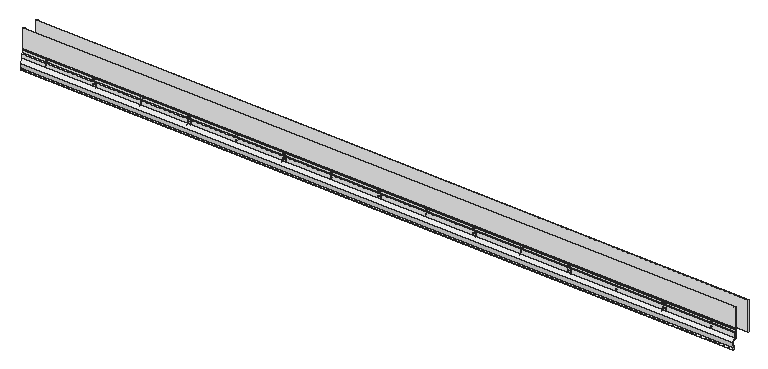
Revit family "Insulating-Panels_Isowall-base-freezer-wall-floor-110", category Generic Models, host Wall, Revit 2026
Family settings
  Host = Wall
  Can host rebar = No
  Round Connector Dimension = Use Diameter
  Part Type = Normal
  Always vertical = Yes
  Cut with Voids When Loaded = No
  Maintain Annotation Orientation = No
  Shared = No
  Room Calculation Point = No
Parameters (values of type "AIC-1.21")
  URL = "https://www.aicinsulate.com/"
  Specification = "https://www.aicinsulate.com/isowall.htm#generalspecs"
  Product Documentation Link = "https://www.arcat.com/arcatcos/cos30/arc30171.html"
  Panel Thickness = 0' - 4"
  Panel Height = 0' - 7.67"
  Model = "AIC-1.21"
  Manufacturer = "Advance Inulation Concepts, Inc."  # constant formula
  Keynote = "07 42 00"
  Isowall Panel Material = Wall Panel
  Isowall Base Length [instance] = 15' - 0"
  Description = "Freezer Wall- Floor"
  Default Elevation = 0' - 0"
  Copyright = "© 2002 Advanced Insulation Concepts, Inc."  # constant formula
  Construction Details = "https://www.arcat.com/company/advanced-insulation-concepts-inc-30171/cad"
  Clip Width = 0' - 1"  # constant formula
  Clip Material = Metal
  Clip Gape [instance] = 1' - 0"
  Clip Count [instance] = Isowall Base Length / Clip Gape  # 15
  Clip Begin [instance] = Isowall Base Length / Clip Count / 2  # 0' - 6"
Reference planes (in)
  plane 1: y = 0
  plane 2 "Center (Left/Right)": x = 0
  plane 3 "Wall Edge": y = 1.5
  plane 4 "Back": y = -2.5
  plane 5: z = 7.67
  plane 6: x = 180
  plane 7: x = 0
  plane 8: z = 0.19995
  plane 9: x = 6
  plane 10: x = 18
  plane 11: z = 0.42505
  plane 12 "2": y = -2.4375
  plane 13 "3": y = 1.4375
Forms (in)
  Sweep 1, solid, material "Wall Panel" <- "Isowall Panel Material"
    path origin (0, 0, 0) x (1, 0, 0) y (0, 1, 0)
      loop
        line (180, 1.5) -> (0, 1.5)
    profile origin (90, 1.5, 0) x (0, -1, 0) y (0, 0, 1)
      loop
        line (0, 0.42505) -> (0.0625, 0.42505) -> (0.0625, 7.67) -> (0, 7.67) -> (0, 0.42505)
      loop
        line (4, 7.67) -> (3.9375, 7.67) -> (3.9375, 0.42505) -> (4, 0.42505) -> (4, 7.67)
  Extrusion 2, void
    sketch origin (0, 0, 0) x (0, 1, 0) y (0, 0, 1)
      loop
        line (1.5, 7.67) -> (1.4375, 7.67) -> (1.4375, 0.42505) -> (-2.4375, 0.42505) -> (-2.4375, 7.67) -> (-2.5, 7.67) -> (-2.5, 0) -> (1.5, 0) -> (1.5, 7.67)
    from 0 to 180
  Sweep 3, solid, material "Metal"
    path origin (0, 0, 0) x (1, 0, 0) y (0, 1, 0)
      loop
        line (0, -2.5) -> (180, -2.5)
    profile origin (90, -2.5, 0) x (0, 1, 0) y (0, 0, 1)
      loop
        line (-0.21053, 2.86516) -> (-0.05469, 2.64258) -> (-0.05469, 2.09368) -> (-0.2696, 1.97422) -> (-0.2696, 0.92566) -> (-0.88185, -0.07802) -> (-0.57606, -1.22909) -> (-0.79702, -1.51792) -> (-0.63212, -1.64406) -> (-0.51378, -1.48936) -> (-0.5386, -1.47038) -> (-0.63796, -1.60025) -> (-0.75321, -1.51208) -> (-0.54192, -1.2359) -> (-0.84822, -0.0829) -> (-0.23835, 0.91688) -> (-0.23835, 1.95584) -> (-0.02344, 2.0753) -> (-0.02344, 2.65244) -> (-0.16701, 2.85748) -> (-0.10788, 2.89889) -> (-0.04546, 2.80975) -> (-0.01986, 2.82767) -> (-0.1002, 2.94241) -> (-0.21053, 2.86516)
Text (in)
  text "Placement Side" at (0, 40.15149, 123.01588), in view "Right"
  text "Placement Side" at (-70.3804, 28.46503, 0), in view "Ref. Level"
  text "Placement Side" at (0, 81.62555, 140.59947), in view "Left"
Dimensions and locks (in)
  locked: plane 3 "Wall Edge" to host wall
  "Panel Height": plane 5 to level
  "Panel Thickness": plane 3 "Wall Edge" to plane 4 "Back"
  "Isowall Base Length": plane 7 to plane 6
  locked: plane 8 to level at 0.19995
  "Clip Begin": plane 7 to plane 9
  "Clip Gape": plane 9 to plane 10
  locked: plane 11 to plane 8 at 0.2251
  plane 4 "Back" to plane 3 "Wall Edge" = 0' - 4"
  equal spacing: group 1, group 2, group 3, group 4, group 5, group 6, group 7, group 8, group 9, group 10, group 11, group 12, group 13, group 14, group 15  (x3)
  locked: plane 3 "Wall Edge" to plane 13 "3" at 0.0625
  locked: plane 12 "2" to plane 4 "Back" at 0.0625
  aligned and locked: Sweep 1 sketch curve to plane 4 "Back"
  aligned and locked: Sweep 1 sketch curve to plane 3 "Wall Edge"
  aligned and locked: Sweep 1 sketch curve to plane 5
  aligned and locked: plane 2 "Center (Left/Right)" to plane 7
  aligned and locked: plane 6 to Sweep 1 sketch curve
  aligned and locked: plane 7 to Sweep 1 sketch curve
  aligned and locked: plane 3 "Wall Edge" to Sweep 1 sketch curve  (x2)
  aligned and locked: Sweep 1 to plane 3 "Wall Edge"
  aligned and locked: Extrusion 2 sketch curve to plane 5
  aligned and locked: Extrusion 2 sketch curve to level
  aligned and locked: Extrusion 2 sketch curve to plane 3 "Wall Edge"
  aligned and locked: Extrusion 2 sketch curve to plane 4 "Back"
  aligned and locked: Extrusion 2 to Sweep 1
  aligned and locked: Extrusion 2 to plane 2 "Center (Left/Right)"
  aligned and locked: nested 1 to level
  aligned and locked: nested 1 to plane 9
  aligned and locked: nested 2 to plane 10
  aligned and locked: plane 6 to Sweep 3 sketch curve
  aligned and locked: plane 7 to Sweep 3 sketch curve
  aligned and locked: plane 4 "Back" to Sweep 3 sketch curve
  aligned and locked: Sweep 3 sketch curve to plane 4 "Back"
  aligned and locked: Sweep 1 sketch curve to plane 12 "2"
  aligned and locked: plane 13 "3" to Sweep 1 sketch curve
  aligned and locked: plane 12 "2" to Extrusion 2 sketch curve
  aligned and locked: Extrusion 2 sketch curve to plane 13 "3"
  aligned and locked: plane 11 to Extrusion 2 sketch curve
Automatic sketch dimensions
  level to Sweep 1 sketch curve = 0' - 0.42505"
  Sweep 3 sketch curve to level = 0' - 0.07802"
  profile plane to Sweep 3 sketch curve = 0' - 0.88185"
  Sweep 3 sketch curve to level = 0' - 0.0829"
  Sweep 3 sketch curve to Sweep 3 sketch curve = 0' - 0.03363"
  profile plane to Sweep 3 sketch curve = 0' - 0.79702"
  Sweep 3 sketch curve to Sweep 3 sketch curve = 0' - 0.04381"
  Sweep 3 sketch curve to Sweep 3 sketch curve = 0' - 0.11525"
  Sweep 3 sketch curve to Sweep 3 sketch curve = 0' - 0.00583"
  Sweep 3 sketch curve to Sweep 3 sketch curve = 0' - 0.17715"
  Sweep 3 sketch curve to Sweep 3 sketch curve = 0' - 0.03414"
  Sweep 3 sketch curve to Sweep 3 sketch curve = 0' - 0.09936"
  Sweep 3 sketch curve to Sweep 3 sketch curve = 0' - 0.02482"
  profile plane to Sweep 3 sketch curve = 0' - 0.2696"
  Sweep 3 sketch curve to Sweep 3 sketch curve = 0' - 0 1/32"
  profile plane to Sweep 3 sketch curve = 0' - 0.21053"
  Sweep 3 sketch curve to Sweep 3 sketch curve = 0' - 0.04352"
  Sweep 3 sketch curve to Sweep 3 sketch curve = 0' - 0.05913"
  Sweep 3 sketch curve to Sweep 3 sketch curve = 0' - 0.00767"
  profile plane to Sweep 3 sketch curve = 0' - 0 7/128"
  profile plane to Sweep 3 sketch curve = 0' - 0.04546"
  profile plane to Sweep 3 sketch curve = 0' - 0 3/128"
  profile plane to Sweep 3 sketch curve = 0' - 0.01986"
  Sweep 3 sketch curve to Sweep 3 sketch curve = 0' - 1.1462"
  Sweep 3 sketch curve to Sweep 3 sketch curve = 0' - 0.0068"
  level to Sweep 3 sketch curve = 0' - 0.91688"
  Sweep 3 sketch curve to Sweep 3 sketch curve = 0' - 0.00878"
  Sweep 3 sketch curve to Sweep 3 sketch curve = 0' - 1.03018"
  Sweep 3 sketch curve to Sweep 3 sketch curve = 0' - 0.01838"  (x2)
  Sweep 3 sketch curve to Sweep 3 sketch curve = 0' - 0.11946"
  Sweep 3 sketch curve to Sweep 3 sketch curve = 0' - 0.5489"
  Sweep 3 sketch curve to Sweep 3 sketch curve = 0' - 0.00985"
  Sweep 1 sketch curve to Sweep 1 sketch curve = 0' - 0"  (x2)
  Extrusion 2 sketch curve to Extrusion 2 sketch curve = 0' - 0"
Nested families (in)
  nested 1: "Clip" at (6, 1.5, 0) x (-1, 0, 0) z (0, 1, 0), type "Clip"
  nested 2: "Clip" at (18, 1.5, 0) x (-1, 0, 0) z (0, 1, 0), type "Clip"
  nested 3: "Clip" at (30, 1.5, 0) x (-1, 0, 0) z (0, 1, 0), type "Clip"
  nested 4: "Clip" at (42, 1.5, 0) x (-1, 0, 0) z (0, 1, 0), type "Clip"
  nested 5: "Clip" at (54, 1.5, 0) x (-1, 0, 0) z (0, 1, 0), type "Clip"
  nested 6: "Clip" at (66, 1.5, 0) x (-1, 0, 0) z (0, 1, 0), type "Clip"
  nested 7: "Clip" at (78, 1.5, 0) x (-1, 0, 0) z (0, 1, 0), type "Clip"
  nested 8: "Clip" at (90, 1.5, 0) x (-1, 0, 0) z (0, 1, 0), type "Clip"
  nested 9: "Clip" at (102, 1.5, 0) x (-1, 0, 0) z (0, 1, 0), type "Clip"
  nested 10: "Clip" at (114, 1.5, 0) x (-1, 0, 0) z (0, 1, 0), type "Clip"
  nested 11: "Clip" at (126, 1.5, 0) x (-1, 0, 0) z (0, 1, 0), type "Clip"
  nested 12: "Clip" at (138, 1.5, 0) x (-1, 0, 0) z (0, 1, 0), type "Clip"
  nested 13: "Clip" at (150, 1.5, 0) x (-1, 0, 0) z (0, 1, 0), type "Clip"
  nested 14: "Clip" at (162, 1.5, 0) x (-1, 0, 0) z (0, 1, 0), type "Clip"
  nested 15: "Clip" at (174, 1.5, 0) x (-1, 0, 0) z (0, 1, 0), type "Clip"
Definition of nested family "Clip"
  Parameters (values of type "Clip")
    PT = 0' - 4"
    Default Elevation = 4' - 0"
    Clip thickness = 0' - 1"
    Clip = none
  Reference planes (in)
    plane 1 "Center (Front/Back)": y = 0
    plane 2: z = 0
    plane 3 "Center (Left/Right)": x = 0
    plane 4: z = -4
    plane 5: x = -0.5
    plane 6: x = 0.5
    plane 7: z = -1.0625
    plane 8: y = 1.35996
    plane 9: y = 2.41313
    plane 10: z = -2.9375
  Forms (in)
    Extrusion 1, solid
      sketch origin (0, 0, 0) x (1, 0, 0) y (0, 1, 0)
        loop
          line (-48, 48) -> (-48, -48) -> (48, -48) -> (48, 48) -> (-48, 48)
      from 0 to -12
    Extrusion 2, solid, material <- "Clip"
      sketch origin (0, 0.46875, 0) x (0, 1, 0) y (0, 0, 1)
        loop
          line (1.51814, 0.12698) -> (-0.03318, 0.12698)
          arc (-0.03318, 0.12698) -> (-0.16889, 0.07077) -> (-0.2251, -0.06494) r 0.19192
          line (-0.2251, -0.06494) -> (-0.2251, -3.90506)
          arc (-0.2251, -3.90506) -> (-0.16889, -4.04077) -> (-0.03318, -4.09698) r 0.19192
          line (-0.03318, -4.09698) -> (1.51814, -4.09698) -> (1.51814, -4.03448) -> (-0.03318, -4.03448)
          arc (-0.03318, -4.03448) -> (-0.12469, -3.99657) -> (-0.1626, -3.90506) r 0.12942
          line (-0.1626, -3.90506) -> (-0.1626, -0.06494)
          arc (-0.1626, -0.06494) -> (-0.12469, 0.02658) -> (-0.03318, 0.06448) r 0.12942
          line (-0.03318, 0.06448) -> (1.51814, 0.06448) -> (1.51814, 0.12698)
      from -0.5 to 0.5
    Revolve 3, solid
      sketch origin (0, 0.46875, 0) x (0, 1, 0) y (0, 0, 1)
        loop
          line (0.95371, 0.12698) -> (1.08143, 0.12698) -> (1.08143, 0.18948)
          arc (1.08143, 0.18948) -> (0.99554, 0.25283) -> (0.89121, 0.27526) r 0.25381
          line (0.89121, 0.27526) -> (0.89121, -0.53179) -> (0.95371, -0.41954) -> (0.95371, 0.02864) -> (1.21498, 0.02864) -> (1.21498, 0.06448) -> (0.95371, 0.06448) -> (0.95371, 0.12698)
        axis (0.89121, 0.27526) -> (0.89121, -0.53179)
      angle from 0 to 360
    Revolve 4, solid
      sketch origin (0, 0.46875, 0.01367) x (0, 1, 0) y (0, 0, 1)
        loop
          line (-0.03697, -0.8885) -> (-0.1626, -0.8885) -> (-0.1626, -0.951) -> (-0.25357, -0.951) -> (-0.25357, -0.6067) -> (-0.31607, -0.6067) -> (-0.31607, -0.951) -> (-1.0029, -0.951) -> (-1.0029, -1.07617) -> (-0.03697, -1.07617) -> (-0.03697, -0.8885)
        axis (-0.03697, -1.07617) -> (-1.0029, -1.07617)
      angle from 0 to 360
    Revolve 5, solid
      sketch origin (0, 0.32508, -3.85843) x (0, 1, 0) y (0, 0, 1)
        loop
          line (1.09698, -0.24696) -> (1.09698, -0.17605) -> (1.35826, -0.17605) -> (1.35826, -0.14021) -> (1.09698, -0.14021) -> (1.09698, 0.41954) -> (1.03488, 0.53107) -> (1.03488, -0.39524)
          arc (1.03488, -0.39524) -> (1.13913, -0.37283) -> (1.22497, -0.30956) r 0.25372
          line (1.22497, -0.30956) -> (1.22497, -0.24696) -> (1.09698, -0.24696)
        axis (1.03488, -0.39524) -> (1.03488, 0.53107)
      angle from 0 to 360
    Revolve 6, solid
      sketch origin (0, 0.46875, -4.01688) x (0, 1, 0) y (0, 0, -1)
        loop
          line (-0.03697, -0.89168) -> (-0.1626, -0.89168) -> (-0.1626, -0.95418) -> (-0.25357, -0.95418) -> (-0.25357, -0.60987) -> (-0.31607, -0.60987) -> (-0.31607, -0.95418) -> (-0.40522, -0.95418) -> (-0.40522, -0.60987) -> (-0.46772, -0.60987) -> (-0.46772, -0.95418) -> (-1.0029, -0.95418) -> (-1.0029, -1.07938) -> (-0.03697, -1.07938) -> (-0.03697, -0.89168)
        axis (-0.03697, -1.07938) -> (-1.0029, -1.07938)
      angle from 0 to 360
    Revolve 7, solid
      sketch origin (0, 0.46875, 0) x (0, 1, 0) y (0, 0, 1)
        loop
          line (2.00688, -4.10615) -> (2.1504, -4.09053) -> (2.1504, -4.05469) -> (2.00688, -4.05469) -> (2.00688, -3.6065) -> (1.94438, -3.49425) -> (1.94438, -4.25443)
          arc (1.94438, -4.25443) -> (2.04871, -4.232) -> (2.1346, -4.16865) r 0.25381
          line (2.1346, -4.16865) -> (2.1346, -4.10615) -> (2.00688, -4.10615)
        axis (1.94438, -4.25443) -> (1.94438, -3.49425)
      angle from 0 to 360
  Dimensions and locks (in)
    "PT": plane 2 to plane 4
    equal spacing: plane 5, plane 3 "Center (Left/Right)", plane 6
    "Clip thickness": plane 5 to plane 6
    locked: plane 7 to plane 2 at 1.0625
    locked: plane 10 to plane 4 at 1.0625
    plane 9 to plane 8 to plane 1 "Center (Front/Back)" = 0' - 1.05317" locked, 0' - 1.35996" locked
    plane 7 to Revolve 4 sketch curve to Revolve 4 sketch curve to Revolve 4 sketch curve to Revolve 4 sketch curve = 0' - 0.12517" locked, 0' - 0" locked, 0' - 0 1/16" locked, 0' - 0.28181" locked
    Revolve 4 sketch curve to Revolve 4 sketch curve to Revolve 4 sketch curve to Revolve 4 sketch curve to plane 1 "Center (Front/Back)" to Revolve 4 sketch curve = 0' - 0.12562", 0' - 0.09098", 0' - 0 1/16", 0' - 0.15268", 0' - 0.53415"
    Revolve 3 sketch curve to Revolve 3 sketch curve to Revolve 3 sketch curve to Revolve 3 sketch curve to Revolve 3 sketch curve to plane 2 to Revolve 3 sketch curve to Revolve 3 sketch curve = 0' - 0.08578" locked, 0' - 0 1/16" locked, 0' - 0 1/16" locked, 0' - 0.03584" locked, 0' - 0.02864" locked, 0' - 0.41954" locked, 0' - 0.11225" locked
    Revolve 3 sketch curve to Revolve 3 sketch curve to Revolve 3 sketch curve to Revolve 3 sketch curve to plane 8 = 0' - 0.13355" locked, 0' - 0.12772" locked, 0' - 0" locked, 0' - 0 1/16" locked
    Extrusion 2 sketch curve to Extrusion 2 sketch curve to plane 1 "Center (Front/Back)" = 0' - 0 1/16", 0' - 0.24365"
    plane 4 to Extrusion 2 sketch curve to Extrusion 2 sketch curve = 0' - 0.03448" locked, 0' - 0 1/16" locked
    Extrusion 2 sketch curve to plane 1 "Center (Front/Back)" = 0' - 1.98689"  (x2)
    Revolve 6 sketch curve to Revolve 6 sketch curve to Revolve 6 sketch curve to Revolve 6 sketch curve to Revolve 6 sketch curve to Revolve 6 sketch curve to plane 1 "Center (Front/Back)" to Revolve 6 sketch curve = 0' - 0.12562" locked, 0' - 0.09098" locked, 0' - 0 1/16" locked, 0' - 0.08914" locked, 0' - 0 1/16" locked, 0' - 0.00103" locked, 0' - 0.53415" locked
    Revolve 6 sketch curve to Revolve 6 sketch curve to Revolve 6 sketch curve to Revolve 6 sketch curve to plane 10 = 0' - 0.28181" locked, 0' - 0 1/16" locked, 0' - 0" locked, 0' - 0.1252" locked
    Revolve 5 sketch curve to Revolve 5 sketch curve to Revolve 5 sketch curve to Revolve 5 sketch curve to plane 8 = 0' - 0.13328" locked, 0' - 0.12799" locked, 0' - 0" locked, 0' - 0.0621" locked
    Revolve 5 sketch curve to Revolve 5 sketch curve to Revolve 5 sketch curve to plane 4 to Revolve 5 sketch curve to Revolve 5 sketch curve to Revolve 5 sketch curve to Revolve 5 sketch curve = 0' - 0.11153" locked, 0' - 0.55975" locked, 0' - 0.00136" locked, 0' - 0.03448" locked, 0' - 0.07091" locked, 0' - 0.0626" locked, 0' - 0.08568" locked
    Revolve 7 sketch curve to Revolve 7 sketch curve to Revolve 7 sketch curve to Revolve 7 sketch curve to plane 9 = 0' - 0.0158" locked, 0' - 0.12772" locked, 0' - 0" locked, 0' - 0 1/16" locked
    Revolve 7 sketch curve to Revolve 7 sketch curve to Revolve 7 sketch curve to Revolve 7 sketch curve to Revolve 7 sketch curve to plane 4 to Revolve 7 sketch curve to Revolve 7 sketch curve = 0' - 0.08578" locked, 0' - 0 1/16" locked, 0' - 0 1/64" locked, 0' - 0.03584" locked, 0' - 0 7/128" locked, 0' - 0.3935" locked, 0' - 0.11225" locked
    import instance to plane 7 to import instance = 0' - 0.13272" locked, 0' - 0.11728" locked
    import instance to plane 10 to import instance = 0' - 0.13824" locked, 0' - 0.11176" locked
    locked: import instance to plane 1 "Center (Front/Back)" at 0.42741  (x2)
    locked: import instance to plane 8 at 0.1875
    locked: plane 4 to import instance at 0.11662
    locked: plane 8 to import instance at 0.1875
    locked: import instance to plane 2 at 0.12698
    locked: plane 4 to import instance at 0.09698
    locked: import instance to plane 9 at 0.1875
    aligned and locked: plane 2 to Extrusion 1
    aligned and locked: level to Extrusion 1
    aligned and locked: Extrusion 2 to plane 5
    aligned and locked: Extrusion 2 to plane 6
    aligned and locked: plane 7 to Revolve 4 sketch curve
    aligned and locked: Revolve 4 sketch curve to plane 7
    aligned and locked: Revolve 3 sketch curve to plane 8
    aligned and locked: Revolve 3 sketch curve to Revolve 3 sketch curve
    aligned and locked: plane 10 to Revolve 6 sketch curve
    aligned and locked: Revolve 6 sketch curve to plane 10
    aligned and locked: plane 8 to Revolve 5 sketch curve
    aligned and locked: Revolve 5 sketch curve to plane 8
    aligned and locked: Revolve 7 sketch curve to plane 9  (x2)
    aligned and locked: plane 8 to import instance  (x2)
    aligned and locked: Extrusion 2 to import instance
    aligned and locked: plane 9 to import instance
    aligned and locked: import instance to Extrusion 2
    aligned and locked: import instance to plane 3 "Center (Left/Right)"  (x6)
    aligned and locked: plane 3 "Center (Left/Right)" to import instance
  Automatic sketch dimensions
    Extrusion 1 sketch curve to Extrusion 1 sketch curve = 8' - 0"  (x2)
    Extrusion 2 sketch curve to Extrusion 2 sketch curve = 0' - 0"  (x4)
    level to Extrusion 2 sketch curve = 0' - 0.12698"
    Extrusion 2 sketch curve to Extrusion 2 sketch curve = 0' - 0.12942"
    plane 4 to Extrusion 2 sketch curve = 0' - 0.09494"
    Revolve 3 sketch curve to plane 7 = 0' - 0.01763"
    Revolve 3 sketch curve to Revolve 3 sketch curve = 0' - 0.60265"
    Revolve 4 sketch curve to Revolve 4 sketch curve = 0' - 0.28407"
    plane 8 to Revolve 4 sketch curve = 0' - 0.04511"
    Revolve 5 sketch curve to Revolve 5 sketch curve = 0' - 0.48268"
    Revolve 5 sketch curve to plane 10 = 0' - 0.12393"
    Revolve 7 sketch curve to Revolve 7 sketch curve = 0' - 4.51314"
    level to Revolve 7 sketch curve = 0' - 3.34884"
    Revolve 6 sketch curve to Revolve 6 sketch curve = 0' - 0"  (x2)
    Revolve 6 sketch curve to Revolve 6 sketch curve = 0' - 0.28407"
    Revolve 6 sketch curve to plane 8 = 0' - 0.04511"
